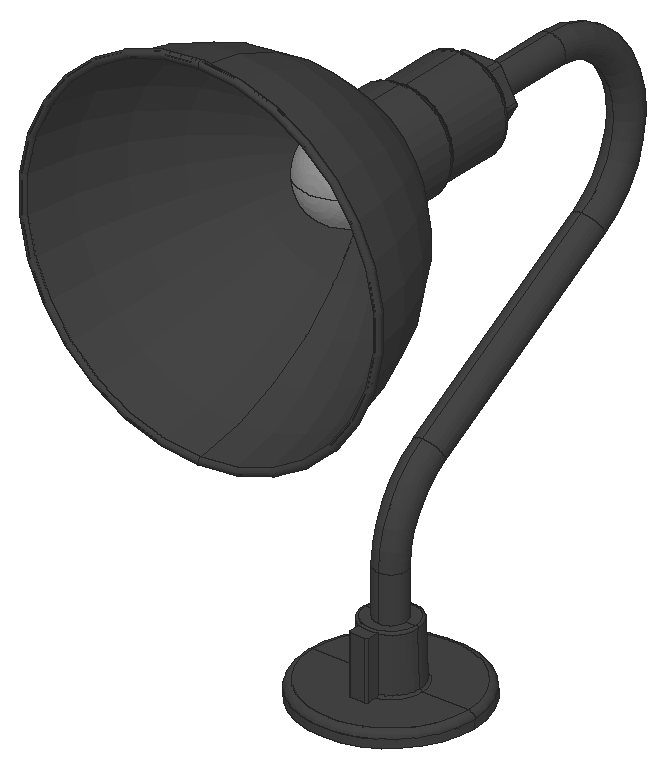
Revit family "BLE-G-DBW-G26-E26", category Lighting Fixtures, host Face, Revit 2022
Family settings
  Host = Face
  Round Connector Dimension = Use Diameter
  Part Type = Normal
  Cut with Voids When Loaded = No
  Light Source = Yes
  Maintain Annotation Orientation = No
  Shared = No
  Room Calculation Point = No
Parameters (values of type "10"")
  Wattage = 5.72229 W
  built-in parameter 1150110 = 1 (stored number, unit not read)
  built-in parameter 1114217 = 1 (stored number, unit not read)
  Tilt Angle = 0.00°
  built-in parameter 1150109 = 1 (stored number, unit not read)
  built-in parameter 1150134 = (empty or 0)
  built-in parameter 1150113 = 1 (stored number, unit not read)
  Gooseneck Material = 100 - Black
  Shade Material = 100 - Black
  Photometric Web File = "generic"
  built-in parameter 1150142 = (empty or 0)
  built-in parameter 1150105 = 67.641 (stored number, unit not read)
  Lumens = 850 lm
  built-in parameter 1150115 = 1 (stored number, unit not read)
  built-in parameter 1150137 = (empty or 0)
  built-in parameter 1150139 = (empty or 0)
  built-in parameter 1150112 = 1 (stored number, unit not read)
  built-in parameter 1150114 = 1 (stored number, unit not read)
  built-in parameter 1150132 = 2
  built-in parameter 1150102 = (empty or 0)
  built-in parameter 1150107 = 3000 (stored number, unit not read)
  built-in parameter 1150138 = (empty or 0)
  built-in parameter 1150106 = 0.67641 (stored number, unit not read)
  built-in parameter 1150104 = 13.8 (stored number, unit not read)
  20" = no
  Dimming Lamp Color Temperature Shift = <None>
  Default Elevation = 4' - 0"
  Color Filter = 16777215
  Base Material = 100 - Black
  built-in parameter 1114218 = 1 (stored number, unit not read)
  built-in parameter 1150133 = 10 (stored number, unit not read)
  16" = no
  14" = no
  12" = no
  10" = yes
Types (6): name | 20" | 16" | 14" | 12" | 10"
  (no name) | no | no | no | no | yes
  12" | no | no | no | yes | no
  14" | no | no | yes | no | no
  16" | no | yes | no | no | no
  10" | no | no | no | no | yes
  20" | yes | no | no | no | no
Reference planes (in)
  plane 1 "Center (Front/Back)": y = 0
  plane 2: z = 0
  plane 3 "Center (Left/Right)": x = 0
Lines and regions (in)
  reference lines
    curve 1: line (0, 32, 0) -> (0, -36, 0)
    curve 2: line (-33.11947, 0, 0) -> (37.88053, 0, 0)
Dimensions and locks (in)
  plane 1 "Center (Front/Back)" to imposter light = 0' - 1 1/2"
  aligned and locked: plane 2 to host face
  aligned and locked: level to host face
  aligned and locked: plane 3 "Center (Left/Right)" to nested 1
  aligned and locked: plane 1 "Center (Front/Back)" to nested 1
  aligned and locked: nested 4 to imposter light
  aligned and locked: plane 3 "Center (Left/Right)" to nested 2
  aligned and locked: nested 3 to plane 3 "Center (Left/Right)"
  aligned and locked: nested 5 to nested 3
  aligned and locked: imposter light to nested 6
  aligned and locked: nested 6 to imposter light
  aligned and locked: nested 5 to imposter light
  aligned and locked: imposter light to nested 3
  aligned and locked: nested 7 to nested 3
  aligned and locked: nested 3 to nested 7
Nested families (in)
  nested 1: "WBP-7501" at (0, 0, 0), type "WBP-7501"
  nested 2: "GNK-5026" at (0, 0, 1.975), type "G6"
  nested 3: "DBW Shade" at (0, 2.46415, 13.58116) x (0, 0, -1) z (0, -1, 0), type "DBW Shade"
    with 24" no, 20" no, 16" no, 14" no, 12" no
  nested 4: "103264" at (0, -3.60156, 13.58116) x (0, 0, -1) z (0, -1, 0), type "103264"
    with Heat Sink 9" no
  nested 5: "CPL-0004" at (0, 3.11433, 13.58116) x (1, 0, 0) z (0, -1, 0), type "CPL-0004"
  nested 6: "E26 Socket Assy" at (0, 2.42509, 13.58116) x (0, 0, -1) z (0, -1, 0), type "E26 Socket Assy"
  nested 7: "E26 Bulb" at (0, 0.1701, 13.58116) x (1, 0, 0) z (0, -1, 0), type "E26 Bulb"
Connectors (in)
  electrical at (0, 0, 0)
    settings: index 1, voltage 0 V, apparent load 0 VA, apparent load phase1 0 VA, apparent load phase2 0 VA, apparent load phase3 0 VA, power factor 1, load classification "Other", number of poles 1, system type 31, power factor state 1, is connector primary yes, connector utility no, sub classification motor no, connector description ""
Definition of nested family "WBP-7501"
  Parameters (values of type "WBP-7501")
    Default Elevation = 3' - 0"
    Base Material = none
  Reference planes (in)
    plane 1 "Center (Front/Back)": y = 0
    plane 2: z = 0
    plane 3 "Center (Left/Right)": x = 0
    plane 4 "Base Dia": x = -2.325
    plane 5 "Base Height": z = 0.4
    plane 6 "Fillet Radius": z = 0.225
    plane 7: z = 0.458
    plane 8: x = -0.87
    plane 9: x = -0.81
    plane 10: x = -0.76
    plane 11: z = 1.917
    plane 12: z = 1.975
    plane 13: x = -0.7
    plane 14: x = -0.2595
    plane 15: x = 0.2595
    plane 16: y = -1.135
  Forms (in)
    Extrusion 1, solid
      sketch origin (0, 0, 0) x (1, 0, 0) y (0, 1, 0)
        loop
          line (-48, 48) -> (-48, -48) -> (48, -48) -> (48, 48) -> (-48, 48)
      from 0 to -12
    Revolve 2, solid, material <- "Base Material"
      sketch origin (0, 0, 0) x (1, 0, 0) y (0, 0, 1)
        loop
          line (0, 0) -> (0, 1.975) -> (-0.7, 1.975)
          arc (-0.7, 1.975) -> (-0.74172, 1.95814) -> (-0.76, 1.91702) r 0.06003
          line (-0.76, 1.91702) -> (-0.81, 0.458)
          arc (-0.81, 0.458) -> (-0.82699, 0.41699) -> (-0.868, 0.4) r 0.058
          line (-0.868, 0.4) -> (-2.15, 0.4)
          arc (-2.15, 0.4) -> (-2.27374, 0.34874) -> (-2.325, 0.225) r 0.175
          line (-2.325, 0.225) -> (-2.325, 0) -> (0, 0)
        axis (0, 0) -> (0, 1.975)
      angle from 0 to 360
    Extrusion 3, solid, material <- "Base Material"
      sketch origin (0, 0, 0) x (1, 0, 0) y (0, 1, 0)
        loop
          line (-0.2595, -0.76731) -> (-0.2595, -1.075)
          arc (-0.2595, -1.075) -> (-0.24193, -1.11743) -> (-0.1995, -1.135) r 0.06
          line (-0.1995, -1.135) -> (0.1995, -1.135)
          arc (0.1995, -1.135) -> (0.24193, -1.11743) -> (0.2595, -1.075) r 0.06
          line (0.2595, -1.075) -> (0.2595, -0.76731)
          arc (0.2595, -0.76731) -> (0, -0.81) -> (-0.2595, -0.76731) r 0.81
      from 0 to 1.975
  Cuts and joins
    joined: Revolve 2, Extrusion 3
  Dimensions and locks (in)
    plane 4 "Base Dia" to plane 3 "Center (Left/Right)" = 0' - 2.325"
    locked: plane 5 "Base Height" to Extrusion 1 at 0.4
    locked: plane 3 "Center (Left/Right)" to plane 4 "Base Dia" at 2.325
    locked: plane 5 "Base Height" to plane 6 "Fillet Radius" at 0.175
    locked: plane 3 "Center (Left/Right)" to plane 9 at 0.81
    locked: plane 3 "Center (Left/Right)" to plane 8 at 0.87
    locked: plane 3 "Center (Left/Right)" to plane 10 at 0.76
    locked: plane 3 "Center (Left/Right)" to plane 13 at 0.7
    locked: plane 11 to plane 5 "Base Height" at 1.517
    locked: plane 12 to plane 5 "Base Height" at 1.575
    locked: plane 7 to plane 5 "Base Height" at 0.058
    locked: plane 14 to plane 3 "Center (Left/Right)" at 0.2595
    locked: plane 3 "Center (Left/Right)" to plane 15 at 0.2595
    locked: plane 16 to plane 1 "Center (Front/Back)" at 1.135
    radius of Revolve 2 sketch curve = 0' - 0.175"
    aligned and locked: plane 2 to Extrusion 1
    aligned and locked: level to Extrusion 1
    aligned and locked: Revolve 2 sketch curve to plane 5 "Base Height"
    aligned and locked: plane 9 to Revolve 2 sketch curve
    aligned and locked: plane 3 "Center (Left/Right)" to Revolve 2 sketch curve
    aligned and locked: plane 15 to Extrusion 3 sketch curve
    aligned and locked: Extrusion 3 sketch curve to plane 16
    aligned and locked: Extrusion 3 sketch curve to plane 14
  Automatic sketch dimensions
    Extrusion 1 sketch curve to Extrusion 1 sketch curve = 8' - 0"  (x2)
    Revolve 2 sketch curve to level = 0' - 0"
    Revolve 2 sketch curve to plane 4 "Base Dia" = 0' - 0"
    Revolve 2 sketch curve to plane 7 = 0' - 0"  (x2)
    plane 10 to Revolve 2 sketch curve = 0' - 0"
    Revolve 2 sketch curve to plane 12 = 0' - 0"
    Revolve 2 sketch curve to plane 13 = 0' - 0"
    Revolve 2 sketch curve to plane 3 "Center (Left/Right)" = 0' - 0"
    Revolve 2 sketch curve to Revolve 2 sketch curve = 0' - 0.22742"
    Revolve 2 sketch curve to Revolve 2 sketch curve = 0' - 1.76377"
    plane 1 "Center (Front/Back)" to Extrusion 3 sketch curve = 0' - 0"
    Extrusion 3 sketch curve to plane 3 "Center (Left/Right)" = 0' - 0"
    plane 14 to Extrusion 3 sketch curve = 0' - 0.06"
    Extrusion 3 sketch curve to plane 15 = 0' - 0.06"
    Extrusion 3 sketch curve to Extrusion 3 sketch curve = 0' - 0.30769"
Definition of nested family "GNK-5026"
  Parameters (values of type "GNK-5026")
    Gooseneck Material = none
    Default Elevation = 2' - 0"
  Reference planes (in)
    plane 1 "Center (Front/Back)": y = 0
    plane 2: z = 0
    plane 3 "Center (Left/Right)": x = 0
    plane 4 "Wood Height": z = 0
  Forms (in)
    Extrusion 1, solid
      sketch origin (0, 0, 0) x (1, 0, 0) y (0, 1, 0)
        loop
          line (-48, 48) -> (-48, -48) -> (48, -48) -> (48, 48) -> (-48, 48)
      from 0 to -12
    Sweep 2, solid, material <- "Gooseneck Material"
      path origin (0, 0, 0) x (0, 1, 0) y (0, 0, 1)
        loop
          line (0, -0.0015) -> (0, 1.24888)
          arc (0, 1.24888) -> (0.35192, 2.56226) -> (1.31338, 3.52373) r 2.62677
          line (1.31338, 3.52373) -> (6.81262, 6.69871)
          arc (6.81262, 6.69871) -> (8.03569, 9.65148) -> (5.5001, 11.59711) r 2.62504
          line (5.5001, 11.59711) -> (3.11433, 11.59711)
      profile origin (0, 0, 0.62369) x (0, -1, 0) y (1, 0, 0)
        loop
          circle (0, 0) r 0.42
  Dimensions and locks (in)
    aligned and locked: plane 2 to Extrusion 1
    aligned and locked: level to Extrusion 1
    aligned and locked: Extrusion 1 to plane 4 "Wood Height"
  Automatic sketch dimensions
    Extrusion 1 sketch curve to Extrusion 1 sketch curve = 8' - 0"  (x2)
    Sweep 2 sketch curve to plane 1 "Center (Front/Back)" = 0' - 0"
    Sweep 2 sketch curve to plane 1 "Center (Front/Back)" = 0' - 1.31338"
    level to Sweep 2 sketch curve = 0' - 1.24888"
    Sweep 2 sketch curve to Sweep 2 sketch curve = 0' - 1.31338"
    Sweep 2 sketch curve to Sweep 2 sketch curve = 0' - 1.31252"
    Sweep 2 sketch curve to Sweep 2 sketch curve = 0' - 3.17498"
    Sweep 2 sketch curve to Sweep 2 sketch curve = 0' - 2.38576"
    Sweep 2 sketch curve to level = 0' - 0.0015"
    Sweep 2 sketch curve to plane 3 "Center (Left/Right)" = 0' - 0"
    Sweep 2 sketch curve to profile plane = 0' - 0"
    radius of Sweep 2 sketch curve = 0' - 0.42"
Definition of nested family "DBW Shade"
  Parameters (values of type "DBW Shade")
    Shade Material = none
    Default Elevation = 2' - 0"
    24" = yes
    20" = yes
    10" = yes
    16" = yes
    14" = yes
    12" = yes
  Reference planes (in)
    plane 1 "Center (Front/Back)": y = 0
    plane 2: z = 0
    plane 3 "Center (Left/Right)": x = 0
  Forms (in)
    Extrusion 1, solid
      sketch origin (0, 0, 0) x (1, 0, 0) y (0, 1, 0)
        loop
          line (-48, 48) -> (-48, -48) -> (48, -48) -> (48, 48) -> (-48, 48)
      from 0 to -12
  Dimensions and locks (in)
    aligned and locked: plane 2 to Extrusion 1
    aligned and locked: level to Extrusion 1
    aligned and locked: plane 1 "Center (Front/Back)" to nested 1
    aligned and locked: plane 3 "Center (Left/Right)" to nested 1
    aligned and locked: plane 3 "Center (Left/Right)" to nested 2
    aligned and locked: plane 1 "Center (Front/Back)" to nested 2
    aligned and locked: plane 1 "Center (Front/Back)" to nested 3
    aligned and locked: plane 3 "Center (Left/Right)" to nested 3
    aligned and locked: plane 1 "Center (Front/Back)" to nested 4
    aligned and locked: plane 1 "Center (Front/Back)" to nested 5
    aligned and locked: plane 3 "Center (Left/Right)" to nested 5
    aligned and locked: plane 3 "Center (Left/Right)" to nested 6
    aligned and locked: plane 1 "Center (Front/Back)" to nested 6
    aligned and locked: plane 3 "Center (Left/Right)" to nested 4
  Nested families (in)
    nested 1: "SHD-0028" at (0, 0, 0), visible <- "10"", type "SHD-0028"
    nested 2: "SHD-0029" at (0, 0, 0), visible <- "12"", type "SHD-0029"
    nested 3: "SHD-0114" at (0, 0, 0), visible <- "14"", type "SHD-0114"
    nested 4: "SHD-0115" at (0, 0, 0), visible <- "16"", type "SHD-0115"
    nested 5: "SHD-0308" at (0, 0, 0), visible <- "24"", type "SHD-0308"
    nested 6: "SHD-0223" at (0, 0, 0), visible <- "20"", type "SHD-0223"
  Definition of nested family "SHD-0028"
    Parameters (values of type "SHD-0028")
      Shade Material = none
      Default Elevation = 2' - 0"
    Reference planes (in)
      plane 1 "Center (Front/Back)": y = 0
      plane 2: z = 0
      plane 3 "Center (Left/Right)": x = 0
      plane 4 "Wood Height": z = 0
      plane 5 "Nut Radius": x = -1.03713
      plane 6 "Nut Flat": x = -0.861
      plane 7 "Shade Thickness": z = 0.04
      plane 8 "Lower Shade bottom": z = 9.109
      plane 9 "Lower Shade Outer Dia": x = -5
      plane 10 "Shade Top Dia": x = -1.20713
      plane 11 "Shade Middle Radius Height1": z = 1.965
      plane 12 "Shade Lower Diameter1": x = -1.44113
      plane 13 "Shade Top Radius": x = -1.29713
      plane 14 "Shade Middle Radious Height2": z = 2.105
      plane 15 "Shade Middle Radius Diameter2": x = -1.41363
      plane 16 "Lip Height": z = 9.029
      plane 17 "Bowl Start": z = 3.545
      plane 18: x = -4.85
      plane 19: z = 9.069
    Forms (in)
      Extrusion 1, solid
        sketch origin (0, 0, 0) x (1, 0, 0) y (0, 1, 0)
          loop
            line (-48, 48) -> (-48, -48) -> (48, -48) -> (48, 48) -> (-48, 48)
        from 0 to -12
      Revolve 2, solid, material <- "Shade Material"
        sketch origin (0, 0, 0) x (1, 0, 0) y (0, 0, 1)
          loop
            line (0, 0) -> (0, 0.03906) -> (-1.20713, 0.03906)
            arc (-1.20713, 0.03906) -> (-1.24314, 0.05398) -> (-1.25806, 0.09) r 0.05094
            line (-1.25806, 0.09) -> (-1.25806, 1.94384)
            arc (-1.25806, 1.94384) -> (-1.26409, 1.97759) -> (-1.28141, 2.00717) r 0.09757
            line (-1.28141, 2.00717) -> (-1.37456, 2.11635) -> (-1.37456, 3.48096)
            arc (-1.37456, 3.48096) -> (-1.39014, 3.54099) -> (-1.43295, 3.58588) r 0.12347
            arc (-1.43295, 3.58588) -> (-3.7536, 5.90437) -> (-4.80544, 9.01154) r 7.20294
            arc (-4.80544, 9.01154) -> (-4.99326, 9.04214) -> (-4.84504, 8.9228) r 0.09841
            line (-4.84504, 8.9228) -> (-4.86619, 8.95581)
            arc (-4.86619, 8.95581) -> (-4.95809, 9.02506) -> (-4.84432, 9.00777) r 0.05934
            arc (-4.84432, 9.00777) -> (-3.78678, 5.88375) -> (-1.45354, 3.55268) r 7.242
            arc (-1.45354, 3.55268) -> (-1.42428, 3.522) -> (-1.41363, 3.48096) r 0.0844
            line (-1.41363, 3.48096) -> (-1.41363, 2.13147)
            arc (-1.41363, 2.13147) -> (-1.40868, 2.10377) -> (-1.39446, 2.07949) r 0.08009
            line (-1.39446, 2.07949) -> (-1.31112, 1.98181)
            arc (-1.31112, 1.98181) -> (-1.30074, 1.96408) -> (-1.29713, 1.94384) r 0.0585
            line (-1.29713, 1.94384) -> (-1.29713, 0.09)
            arc (-1.29713, 0.09) -> (-1.27077, 0.02636) -> (-1.20713, 0) r 0.09
            line (-1.20713, 0) -> (0, 0)
          axis (0, 9.01154) -> (0, 0)
        angle from 0 to 360
    Dimensions and locks (in)
      locked: plane 6 "Nut Flat" to plane 3 "Center (Left/Right)" at 0.861
      locked: plane 7 "Shade Thickness" to plane 4 "Wood Height" at 0.04
      locked: plane 3 "Center (Left/Right)" to plane 9 "Lower Shade Outer Dia" at 5
      locked: plane 11 "Shade Middle Radius Height1" to plane 4 "Wood Height" at 1.965
      locked: plane 14 "Shade Middle Radious Height2" to plane 4 "Wood Height" at 2.105
      locked: plane 8 "Lower Shade bottom" to plane 16 "Lip Height" at 0.08
      locked: plane 17 "Bowl Start" to plane 4 "Wood Height" at 3.545
      locked: plane 18 to plane 9 "Lower Shade Outer Dia" at 0.15
      locked: plane 8 "Lower Shade bottom" to plane 19 at 0.04
      locked: plane 8 "Lower Shade bottom" to plane 4 "Wood Height" at 9.109
      aligned and locked: plane 2 to Extrusion 1
      aligned and locked: level to Extrusion 1
      aligned and locked: plane 4 "Wood Height" to Revolve 2 sketch curve
      aligned and locked: plane 10 "Shade Top Dia" to Revolve 2 sketch curve
      aligned and locked: Revolve 2 sketch curve to plane 15 "Shade Middle Radius Diameter2"
      aligned and locked: Revolve 2 sketch curve to plane 13 "Shade Top Radius"
      aligned and locked: Extrusion 1 to plane 4 "Wood Height"
    Automatic sketch dimensions
      Extrusion 1 sketch curve to Extrusion 1 sketch curve = 8' - 0"  (x2)
      Revolve 2 sketch curve to Revolve 2 sketch curve = 0' - 0"  (x12)
      Revolve 2 sketch curve to plane 3 "Center (Left/Right)" = 0' - 0"  (x2)
      plane 18 to Revolve 2 sketch curve = 0' - 0.00496"
      Revolve 2 sketch curve to plane 18 = 0' - 0.01619"
      plane 15 "Shade Middle Radius Diameter2" to Revolve 2 sketch curve = 0' - 0.01916"
      plane 14 "Shade Middle Radious Height2" to Revolve 2 sketch curve = 0' - 0.01135"
      plane 15 "Shade Middle Radius Diameter2" to Revolve 2 sketch curve = 0' - 0 5/128"
      Revolve 2 sketch curve to plane 11 "Shade Middle Radius Height1" = 0' - 0.02116"
      plane 15 "Shade Middle Radius Diameter2" to Revolve 2 sketch curve = 0' - 0.058"
      plane 14 "Shade Middle Radious Height2" to Revolve 2 sketch curve = 0' - 0.02647"
      Revolve 2 sketch curve to plane 13 "Shade Top Radius" = 0' - 0.01572"
      Revolve 2 sketch curve to Revolve 2 sketch curve = 0' - 0 5/128"
      Revolve 2 sketch curve to plane 17 "Bowl Start" = 0' - 0.06404"
      plane 18 to Revolve 2 sketch curve = 0' - 0.00568"
      plane 17 "Bowl Start" to Revolve 2 sketch curve = 0' - 0.15101"
      Revolve 2 sketch curve to Revolve 2 sketch curve = 0' - 2.15863"
      Revolve 2 sketch curve to plane 12 "Shade Lower Diameter1" = 0' - 0.00818"
      Revolve 2 sketch curve to Revolve 2 sketch curve = 0' - 0.03888"  (x2)
      Revolve 2 sketch curve to Revolve 2 sketch curve = 0' - 0.03301"
      Revolve 2 sketch curve to Revolve 2 sketch curve = 0' - 0.02059"
      Revolve 2 sketch curve to Revolve 2 sketch curve = 0' - 0.03319"
  Definition of nested family "SHD-0029"
    Parameters (values of type "SHD-0029")
      Shade Material = none
      Default Elevation = 2' - 0"
    Reference planes (in)
      plane 1 "Center (Front/Back)": y = 0
      plane 2: z = 0
      plane 3 "Center (Left/Right)": x = 0
      plane 4 "Wood Height": z = 0
      plane 5 "Nut Radius": x = -1.03713
      plane 6 "Nut Flat": x = -0.861
      plane 7 "Shade Thickness": z = 0.04
      plane 8 "Shade Top Dia": x = -1.20713
      plane 9 "Shade Middle Radius Height1": z = 1.965
      plane 10 "Shade Lower Diameter1": x = -1.44113
      plane 11 "Shade Top Radius": x = -1.29713
      plane 12 "Shade Middle Radious Height2": z = 2.105
      plane 13 "Shade Middle Radius Diameter2": x = -1.41363
      plane 14 "Bowl Start": z = 3.545
    Forms (in)
      Extrusion 1, solid
        sketch origin (0, 0, 0) x (1, 0, 0) y (0, 1, 0)
          loop
            line (-48, 48) -> (-48, -48) -> (48, -48) -> (48, 48) -> (-48, 48)
        from 0 to -12
      Revolve 2, solid, material <- "Shade Material"
        sketch origin (0, 0, 0) x (1, 0, 0) y (0, 0, 1)
          loop
            line (0, 0) -> (0, 0.03906) -> (-1.20713, 0.03906)
            arc (-1.20713, 0.03906) -> (-1.24314, 0.05398) -> (-1.25806, 0.09) r 0.05094
            line (-1.25806, 0.09) -> (-1.25806, 1.94384)
            arc (-1.25806, 1.94384) -> (-1.26409, 1.97759) -> (-1.28141, 2.00717) r 0.09757
            line (-1.28141, 2.00717) -> (-1.37456, 2.11635) -> (-1.37456, 3.49488)
            arc (-1.37456, 3.49488) -> (-1.3856, 3.54027) -> (-1.41623, 3.57553) r 0.09889
            arc (-1.41623, 3.57553) -> (-4.2546, 6.22323) -> (-5.80711, 9.7808) r 9.56481
            arc (-5.80711, 9.7808) -> (-5.99536, 9.79563) -> (-5.84506, 9.68132) r 0.09841
            line (-5.84506, 9.68132) -> (-5.86621, 9.71432)
            arc (-5.86621, 9.71432) -> (-5.9593, 9.78052) -> (-5.84534, 9.77276) r 0.05934
            arc (-5.84534, 9.77276) -> (-4.28694, 6.2013) -> (-1.43786, 3.54296) r 9.60387
            arc (-1.43786, 3.54296) -> (-1.42003, 3.5218) -> (-1.41363, 3.49488) r 0.05982
            line (-1.41363, 3.49488) -> (-1.41363, 2.13147)
            arc (-1.41363, 2.13147) -> (-1.40868, 2.10377) -> (-1.39446, 2.07949) r 0.08009
            line (-1.39446, 2.07949) -> (-1.31112, 1.98181)
            arc (-1.31112, 1.98181) -> (-1.30074, 1.96408) -> (-1.29713, 1.94384) r 0.0585
            line (-1.29713, 1.94384) -> (-1.29713, 0.09)
            arc (-1.29713, 0.09) -> (-1.27077, 0.02636) -> (-1.20713, 0) r 0.09
            line (-1.20713, 0) -> (0, 0)
          axis (0, 9.7808) -> (0, 0)
        angle from 0 to 360
    Dimensions and locks (in)
      locked: plane 6 "Nut Flat" to plane 3 "Center (Left/Right)" at 0.861
      locked: plane 7 "Shade Thickness" to plane 4 "Wood Height" at 0.04
      locked: plane 9 "Shade Middle Radius Height1" to plane 4 "Wood Height" at 1.965
      locked: plane 12 "Shade Middle Radious Height2" to plane 4 "Wood Height" at 2.105
      locked: plane 14 "Bowl Start" to plane 4 "Wood Height" at 3.545
      aligned and locked: plane 2 to Extrusion 1
      aligned and locked: level to Extrusion 1
      aligned and locked: plane 4 "Wood Height" to Revolve 2 sketch curve
      aligned and locked: plane 8 "Shade Top Dia" to Revolve 2 sketch curve
      aligned and locked: Revolve 2 sketch curve to plane 13 "Shade Middle Radius Diameter2"
      aligned and locked: Revolve 2 sketch curve to plane 11 "Shade Top Radius"
      aligned and locked: Extrusion 1 to plane 4 "Wood Height"
    Automatic sketch dimensions
      Extrusion 1 sketch curve to Extrusion 1 sketch curve = 8' - 0"  (x2)
      Revolve 2 sketch curve to Revolve 2 sketch curve = 0' - 0"  (x15)
      Revolve 2 sketch curve to plane 3 "Center (Left/Right)" = 0' - 0"  (x2)
      plane 10 "Shade Lower Diameter1" to Revolve 2 sketch curve = 0' - 0.03232"
      Revolve 2 sketch curve to Revolve 2 sketch curve = 0' - 0.02115"
      Revolve 2 sketch curve to Revolve 2 sketch curve = 0' - 0.0372"
      plane 13 "Shade Middle Radius Diameter2" to Revolve 2 sketch curve = 0' - 0.01916"
      plane 12 "Shade Middle Radious Height2" to Revolve 2 sketch curve = 0' - 0.01135"
      plane 13 "Shade Middle Radius Diameter2" to Revolve 2 sketch curve = 0' - 0 5/128"
      Revolve 2 sketch curve to plane 9 "Shade Middle Radius Height1" = 0' - 0.02116"
      plane 13 "Shade Middle Radius Diameter2" to Revolve 2 sketch curve = 0' - 0.058"
      plane 12 "Shade Middle Radious Height2" to Revolve 2 sketch curve = 0' - 0.02647"
      Revolve 2 sketch curve to plane 11 "Shade Top Radius" = 0' - 0.01572"
      Revolve 2 sketch curve to Revolve 2 sketch curve = 0' - 0 5/128"
      Revolve 2 sketch curve to plane 14 "Bowl Start" = 0' - 0.05012"
      Revolve 2 sketch curve to Revolve 2 sketch curve = 0' - 0.03301"
      Revolve 2 sketch curve to Revolve 2 sketch curve = 0' - 0.04623"
      Revolve 2 sketch curve to plane 13 "Shade Middle Radius Diameter2" = 0' - 0.00261"
      Revolve 2 sketch curve to plane 14 "Bowl Start" = 0' - 0.00204"
      plane 14 "Bowl Start" to Revolve 2 sketch curve = 0' - 0.15101"
      Revolve 2 sketch curve to Revolve 2 sketch curve = 0' - 2.15863"
      plane 10 "Shade Lower Diameter1" to Revolve 2 sketch curve = 0' - 4.40394"
      plane 3 "Center (Left/Right)" to Revolve 2 sketch curve = 0' - 3.5532"
      plane 14 "Bowl Start" to Revolve 2 sketch curve = 0' - 6.13632"
  Definition of nested family "SHD-0114"
    Parameters (values of type "SHD-0114")
      Shade Material = none
      Default Elevation = 2' - 0"
    Reference planes (in)
      plane 1 "Center (Front/Back)": y = 0
      plane 2: z = 0
      plane 3 "Center (Left/Right)": x = 0
      plane 4 "Wood Height": z = 0
    Forms (in)
      Extrusion 1, solid
        sketch origin (0, 0, 0) x (1, 0, 0) y (0, 1, 0)
          loop
            line (-48, 48) -> (-48, -48) -> (48, -48) -> (48, 48) -> (-48, 48)
        from 0 to -12
      Revolve 2, solid, material <- "Shade Material"
        sketch origin (0, 0, 0) x (1, 0, 0) y (0, 0, 1)
          loop
            line (0, 0) -> (0, 0.03906) -> (-1.45545, 0.03906)
            arc (-1.45545, 0.03906) -> (-1.49164, 0.05405) -> (-1.50663, 0.09025) r 0.05119
            line (-1.50663, 0.09025) -> (-1.50663, 2.07228)
            arc (-1.50663, 2.07228) -> (-1.51325, 2.1034) -> (-1.53194, 2.12913) r 0.0765
            line (-1.53194, 2.12913) -> (-1.59895, 2.18946)
            arc (-1.59895, 2.18946) -> (-1.61737, 2.21483) -> (-1.62389, 2.24549) r 0.07539
            line (-1.62389, 2.24549) -> (-1.62389, 3.76049)
            arc (-1.62389, 3.76049) -> (-1.63985, 3.81863) -> (-1.68326, 3.86047) r 0.11386
            arc (-1.68326, 3.86047) -> (-5.12462, 6.95788) -> (-6.79993, 11.27416) r 9.99002
            arc (-6.79993, 11.27416) -> (-6.99505, 11.29998) -> (-6.84047, 11.17815) r 0.10205
            line (-6.84047, 11.17815) -> (-6.86365, 11.20959)
            arc (-6.86365, 11.20959) -> (-6.95906, 11.28479) -> (-6.83863, 11.26885) r 0.06299
            arc (-6.83863, 11.26885) -> (-5.15677, 6.93569) -> (-1.70196, 3.82617) r 10.02909
            arc (-1.70196, 3.82617) -> (-1.67344, 3.79868) -> (-1.66295, 3.76049) r 0.07479
            line (-1.66295, 3.76049) -> (-1.66295, 2.24549)
            arc (-1.66295, 2.24549) -> (-1.65306, 2.19894) -> (-1.62508, 2.16043) r 0.11445
            line (-1.62508, 2.16043) -> (-1.55808, 2.1001)
            arc (-1.55808, 2.1001) -> (-1.54893, 2.08751) -> (-1.54569, 2.07228) r 0.03743
            line (-1.54569, 2.07228) -> (-1.54569, 0.09025)
            arc (-1.54569, 0.09025) -> (-1.51926, 0.02643) -> (-1.45545, 0) r 0.09025
            line (-1.45545, 0) -> (0, 0)
          axis (0, 11.27416) -> (0, 0)
        angle from 0 to 360
    Dimensions and locks (in)
      aligned and locked: plane 2 to Extrusion 1
      aligned and locked: level to Extrusion 1
      aligned and locked: Extrusion 1 to plane 4 "Wood Height"
    Automatic sketch dimensions
      Extrusion 1 sketch curve to Extrusion 1 sketch curve = 8' - 0"  (x2)
      Revolve 2 sketch curve to Revolve 2 sketch curve = 0' - 0"  (x25)
      Revolve 2 sketch curve to level = 0' - 0"
      Revolve 2 sketch curve to plane 3 "Center (Left/Right)" = 0' - 0"  (x2)
      Revolve 2 sketch curve to Revolve 2 sketch curve = 0' - 0.01239"
      Revolve 2 sketch curve to Revolve 2 sketch curve = 0' - 0.07479"
      Revolve 2 sketch curve to Revolve 2 sketch curve = 0' - 0.02318"
      Revolve 2 sketch curve to Revolve 2 sketch curve = 0' - 0.03738"
      Revolve 2 sketch curve to Revolve 2 sketch curve = 0' - 0.03144"
      Revolve 2 sketch curve to Revolve 2 sketch curve = 0' - 0.0507"
      Revolve 2 sketch curve to Revolve 2 sketch curve = 0' - 0.01869"  (x2)
      Revolve 2 sketch curve to Revolve 2 sketch curve = 0' - 2.15863"
      plane 3 "Center (Left/Right)" to Revolve 2 sketch curve = 0' - 3.09734"
      Revolve 2 sketch curve to Revolve 2 sketch curve = 0' - 0.02614"
      Revolve 2 sketch curve to Revolve 2 sketch curve = 0' - 0 5/128"  (x2)
      Revolve 2 sketch curve to Revolve 2 sketch curve = 0' - 1.45545"
      Revolve 2 sketch curve to Revolve 2 sketch curve = 0' - 0.05119"
      Revolve 2 sketch curve to Revolve 2 sketch curve = 0' - 0.02531"
      Revolve 2 sketch curve to Revolve 2 sketch curve = 0' - 0.01656"
      Revolve 2 sketch curve to Revolve 2 sketch curve = 0' - 0.02505"
      Revolve 2 sketch curve to Revolve 2 sketch curve = 0' - 0.05045"
      Revolve 2 sketch curve to plane 3 "Center (Left/Right)" = 0' - 6.84047"
      Revolve 2 sketch curve to Revolve 2 sketch curve = 0' - 1.98204"
      Revolve 2 sketch curve to Revolve 2 sketch curve = 0' - 1.515"
      Revolve 2 sketch curve to Revolve 2 sketch curve = 0' - 7.41765"
      Revolve 2 sketch curve to Revolve 2 sketch curve = 0' - 0.06448"
  Definition of nested family "SHD-0115"
    Parameters (values of type "SHD-0115")
      Shade Material = none
      Default Elevation = 2' - 0"
    Reference planes (in)
      plane 1 "Center (Front/Back)": y = 0
      plane 2: z = 0
      plane 3 "Center (Left/Right)": x = 0
      plane 4 "Wood Height": z = 0
    Forms (in)
      Extrusion 1, solid
        sketch origin (0, 0, 0) x (1, 0, 0) y (0, 1, 0)
          loop
            line (-48, 48) -> (-48, -48) -> (48, -48) -> (48, 48) -> (-48, 48)
        from 0 to -12
      Revolve 2, solid, material <- "Shade Material"
        sketch origin (0, 0, 0) x (1, 0, 0) y (0, 0, 1)
          loop
            line (0, 0) -> (0, 0.03906) -> (-1.45545, 0.03906)
            arc (-1.45545, 0.03906) -> (-1.49164, 0.05405) -> (-1.50663, 0.09025) r 0.05119
            line (-1.50663, 0.09025) -> (-1.50663, 2.07228)
            arc (-1.50663, 2.07228) -> (-1.51325, 2.1034) -> (-1.53194, 2.12913) r 0.0765
            line (-1.53194, 2.12913) -> (-1.59895, 2.18946)
            arc (-1.59895, 2.18946) -> (-1.61737, 2.21483) -> (-1.62389, 2.24549) r 0.07539
            line (-1.62389, 2.24549) -> (-1.62389, 3.76049)
            arc (-1.62389, 3.76049) -> (-1.64115, 3.82076) -> (-1.6877, 3.86276) r 0.11386
            arc (-1.6877, 3.86276) -> (-5.9143, 7.51176) -> (-7.79992, 12.76759) r 10.98102
            arc (-7.79992, 12.76759) -> (-7.99459, 12.80067) -> (-7.84102, 12.67655) r 0.10205
            line (-7.84102, 12.67655) -> (-7.8642, 12.70799)
            arc (-7.8642, 12.70799) -> (-7.95899, 12.7846) -> (-7.83883, 12.76418) r 0.06299
            arc (-7.83883, 12.76418) -> (-5.94651, 7.48965) -> (-1.70487, 3.82767) r 11.02008
            arc (-1.70487, 3.82767) -> (-1.67429, 3.80009) -> (-1.66295, 3.76049) r 0.07479
            line (-1.66295, 3.76049) -> (-1.66295, 2.24549)
            arc (-1.66295, 2.24549) -> (-1.65306, 2.19894) -> (-1.62508, 2.16043) r 0.11445
            line (-1.62508, 2.16043) -> (-1.55808, 2.1001)
            arc (-1.55808, 2.1001) -> (-1.54893, 2.08751) -> (-1.54569, 2.07228) r 0.03743
            line (-1.54569, 2.07228) -> (-1.54569, 0.09025)
            arc (-1.54569, 0.09025) -> (-1.51926, 0.02643) -> (-1.45545, 0) r 0.09025
            line (-1.45545, 0) -> (0, 0)
          axis (0, 12.76759) -> (0, 0)
        angle from 0 to 360
    Dimensions and locks (in)
      aligned and locked: plane 2 to Extrusion 1
      aligned and locked: level to Extrusion 1
      aligned and locked: Extrusion 1 to plane 4 "Wood Height"
    Automatic sketch dimensions
      Extrusion 1 sketch curve to Extrusion 1 sketch curve = 8' - 0"  (x2)
      Revolve 2 sketch curve to Revolve 2 sketch curve = 0' - 0"  (x16)
      Revolve 2 sketch curve to level = 0' - 0"
      Revolve 2 sketch curve to plane 3 "Center (Left/Right)" = 0' - 0"  (x2)
      Revolve 2 sketch curve to Revolve 2 sketch curve = 0' - 1.45545"
      Revolve 2 sketch curve to plane 3 "Center (Left/Right)" = 0' - 1.50663"
      Revolve 2 sketch curve to Revolve 2 sketch curve = 0' - 0.02531"
      Revolve 2 sketch curve to Revolve 2 sketch curve = 0' - 0 5/128"
      Revolve 2 sketch curve to Revolve 2 sketch curve = 0' - 0.01656"
      Revolve 2 sketch curve to Revolve 2 sketch curve = 0' - 0.01239"
      Revolve 2 sketch curve to Revolve 2 sketch curve = 0' - 0.02505"
      Revolve 2 sketch curve to Revolve 2 sketch curve = 0' - 0.05045"
      Revolve 2 sketch curve to Revolve 2 sketch curve = 0' - 0.02494"
      Revolve 2 sketch curve to Revolve 2 sketch curve = 0' - 0.02614"
      Revolve 2 sketch curve to Revolve 2 sketch curve = 0' - 0.07479"
      Revolve 2 sketch curve to Revolve 2 sketch curve = 0' - 0.02318"
      Revolve 2 sketch curve to Revolve 2 sketch curve = 0' - 0.03738"
      plane 3 "Center (Left/Right)" to Revolve 2 sketch curve = 0' - 3.13919"
      Revolve 2 sketch curve to Revolve 2 sketch curve = 0' - 1.98204"
      Revolve 2 sketch curve to Revolve 2 sketch curve = 0' - 1.515"
      Revolve 2 sketch curve to Revolve 2 sketch curve = 0' - 0.03144"
      Revolve 2 sketch curve to Revolve 2 sketch curve = 0' - 0.0507"
      Revolve 2 sketch curve to Revolve 2 sketch curve = 0' - 1.04947"
      Revolve 2 sketch curve to Revolve 2 sketch curve = 0' - 0.03891"
      Revolve 2 sketch curve to Revolve 2 sketch curve = 0' - 0.06448"
      Revolve 2 sketch curve to Revolve 2 sketch curve = 0' - 2.15863"
  Definition of nested family "SHD-0308"
    Parameters (values of type "SHD-0308")
      Shade Material = none
      Default Elevation = 2' - 0"
    Reference planes (in)
      plane 1 "Center (Front/Back)": y = 0
      plane 2: z = 0
      plane 3 "Center (Left/Right)": x = 0
      plane 4 "Wood Height": z = 0
    Forms (in)
      Extrusion 1, solid
        sketch origin (0, 0, 0) x (1, 0, 0) y (0, 1, 0)
          loop
            line (-48, 48) -> (-48, -48) -> (48, -48) -> (48, 48) -> (-48, 48)
        from 0 to -12
      Revolve 2, solid, material <- "Shade Material"
        sketch origin (0, 0, 0) x (1, 0, 0) y (0, 0, 1)
          loop
            line (0, 0) -> (0, 0.03906) -> (-2.22237, 0.03906)
            arc (-2.22237, 0.03906) -> (-2.2742, 0.06053) -> (-2.29567, 0.11236) r 0.0733
            line (-2.29567, 0.11236) -> (-2.29567, 3.09806)
            arc (-2.29567, 3.09806) -> (-2.30835, 3.16758) -> (-2.34475, 3.22814) r 0.19691
            line (-2.34475, 3.22814) -> (-2.42725, 3.32189)
            arc (-2.42725, 3.32189) -> (-2.46224, 3.38009) -> (-2.47442, 3.4469) r 0.18923
            line (-2.47442, 3.4469) -> (-2.47442, 5.72055)
            arc (-2.47442, 5.72055) -> (-2.4994, 5.80773) -> (-2.56677, 5.86845) r 0.16462
            arc (-2.56677, 5.86845) -> (-9.0535, 11.47959) -> (-11.91654, 19.56448) r 16.76616
            arc (-11.91654, 19.56448) -> (-11.93143, 19.59499) -> (-11.96306, 19.60734) r 0.04667
            line (-11.96306, 19.60734) -> (-12.00319, 19.60734)
            arc (-12.00319, 19.60734) -> (-12.07667, 19.53386) -> (-12.00319, 19.46037) r 0.07348
            line (-12.00319, 19.46037) -> (-11.96309, 19.46037) -> (-11.96309, 19.49944) -> (-12.00319, 19.49944)
            arc (-12.00319, 19.49944) -> (-12.03761, 19.53386) -> (-12.00319, 19.56828) r 0.03442
            line (-12.00319, 19.56828) -> (-11.95604, 19.56828)
            arc (-11.95604, 19.56828) -> (-9.08774, 11.46046) -> (-2.58392, 5.83336) r 16.80523
            arc (-2.58392, 5.83336) -> (-2.53254, 5.78704) -> (-2.51348, 5.72055) r 0.12556
            line (-2.51348, 5.72055) -> (-2.51348, 3.4469)
            arc (-2.51348, 3.4469) -> (-2.49878, 3.3663) -> (-2.45658, 3.29609) r 0.22829
            line (-2.45658, 3.29609) -> (-2.37408, 3.20234)
            arc (-2.37408, 3.20234) -> (-2.34489, 3.15379) -> (-2.33473, 3.09806) r 0.15785
            line (-2.33473, 3.09806) -> (-2.33473, 0.11236)
            arc (-2.33473, 0.11236) -> (-2.30182, 0.03291) -> (-2.22237, 0) r 0.11236
            line (-2.22237, 0) -> (0, 0)
          axis (0, 19.60734) -> (0, 0)
        angle from 0 to 360
    Dimensions and locks (in)
      aligned and locked: plane 2 to Extrusion 1
      aligned and locked: level to Extrusion 1
      aligned and locked: Extrusion 1 to plane 4 "Wood Height"
    Automatic sketch dimensions
      Extrusion 1 sketch curve to Extrusion 1 sketch curve = 8' - 0"  (x2)
      Revolve 2 sketch curve to Revolve 2 sketch curve = 0' - 0"  (x24)
      Revolve 2 sketch curve to level = 0' - 0"
      Revolve 2 sketch curve to plane 3 "Center (Left/Right)" = 0' - 0"  (x2)
      Revolve 2 sketch curve to Revolve 2 sketch curve = 0' - 0.01047"
      Revolve 2 sketch curve to Revolve 2 sketch curve = 0' - 0.01002"
      Revolve 2 sketch curve to Revolve 2 sketch curve = 0' - 0.02933"  (x2)
      Revolve 2 sketch curve to Revolve 2 sketch curve = 0' - 0.04717"
      Revolve 2 sketch curve to Revolve 2 sketch curve = 0' - 0.12556"
      Revolve 2 sketch curve to Revolve 2 sketch curve = 0' - 0.00701"
      Revolve 2 sketch curve to Revolve 2 sketch curve = 0' - 0.00004"
      Revolve 2 sketch curve to Revolve 2 sketch curve = 0' - 0.04013"
      plane 3 "Center (Left/Right)" to Revolve 2 sketch curve = 0' - 4.79372"
      Revolve 2 sketch curve to Revolve 2 sketch curve = 0' - 0 5/128"  (x2)
      Revolve 2 sketch curve to Revolve 2 sketch curve = 0' - 2.9857"
      Revolve 2 sketch curve to Revolve 2 sketch curve = 0' - 2.27365"
      Revolve 2 sketch curve to Revolve 2 sketch curve = 0' - 0.03442"
      Revolve 2 sketch curve to Revolve 2 sketch curve = 0' - 0.00761"
      Revolve 2 sketch curve to Revolve 2 sketch curve = 0' - 0.24911"
      Revolve 2 sketch curve to Revolve 2 sketch curve = 0' - 2.15863"
      Revolve 2 sketch curve to Revolve 2 sketch curve = 0' - 2.22237"
      Revolve 2 sketch curve to plane 3 "Center (Left/Right)" = 0' - 2.28519"
      Revolve 2 sketch curve to plane 3 "Center (Left/Right)" = 0' - 11.95604"
      Revolve 2 sketch curve to Revolve 2 sketch curve = 1' - 1.73983"
      Revolve 2 sketch curve to Revolve 2 sketch curve = 1' - 3.07792"
  Definition of nested family "SHD-0223"
    Parameters (values of type "SHD-0223")
      Shade Material = none
      Default Elevation = 2' - 0"
    Reference planes (in)
      plane 1 "Center (Front/Back)": y = 0
      plane 2: z = 0
      plane 3 "Center (Left/Right)": x = 0
      plane 4 "Wood Height": z = 0
    Forms (in)
      Extrusion 1, solid
        sketch origin (0, 0, 0) x (1, 0, 0) y (0, 1, 0)
          loop
            line (-48, 48) -> (-48, -48) -> (48, -48) -> (48, 48) -> (-48, 48)
        from 0 to -12
      Revolve 2, solid, material <- "Shade Material"
        sketch origin (0, 0, 0) x (1, 0, 0) y (0, 0, 1)
          loop
            line (0, 0) -> (0, 0.03906) -> (-1.8485, 0.03906)
            arc (-1.8485, 0.03906) -> (-1.88896, 0.05582) -> (-1.90572, 0.09628) r 0.05722
            line (-1.90572, 0.09628) -> (-1.90572, 2.57881)
            arc (-1.90572, 2.57881) -> (-1.9168, 2.64011) -> (-1.94865, 2.69364) r 0.17504
            line (-1.94865, 2.69364) -> (-2.01787, 2.77327)
            arc (-2.01787, 2.77327) -> (-2.04498, 2.81883) -> (-2.05441, 2.871) r 0.14898
            line (-2.05441, 2.871) -> (-2.05441, 4.7663)
            arc (-2.05441, 4.7663) -> (-2.07634, 4.84285) -> (-2.13548, 4.89618) r 0.14458
            arc (-2.13548, 4.89618) -> (-7.53748, 9.56968) -> (-9.92412, 16.30223) r 13.97395
            arc (-9.92412, 16.30223) -> (-9.93712, 16.32887) -> (-9.96474, 16.33964) r 0.04076
            line (-9.96474, 16.33964) -> (-10.00281, 16.33964)
            arc (-10.00281, 16.33964) -> (-10.06432, 16.27814) -> (-10.00281, 16.21663) r 0.06151
            line (-10.00281, 16.21663) -> (-9.96563, 16.21663) -> (-9.96563, 16.25569) -> (-10.00281, 16.25569)
            arc (-10.00281, 16.25569) -> (-10.02526, 16.27814) -> (-10.00281, 16.30058) r 0.02244
            line (-10.00281, 16.30058) -> (-9.96317, 16.30058)
            arc (-9.96317, 16.30058) -> (-7.57018, 9.5483) -> (-2.15264, 4.86109) r 14.01301
            arc (-2.15264, 4.86109) -> (-2.10948, 4.82217) -> (-2.09348, 4.7663) r 0.10551
            line (-2.09348, 4.7663) -> (-2.09348, 2.871)
            arc (-2.09348, 2.871) -> (-2.08157, 2.80515) -> (-2.04735, 2.74764) r 0.18804
            line (-2.04735, 2.74764) -> (-1.97814, 2.66801)
            arc (-1.97814, 2.66801) -> (-1.95339, 2.62643) -> (-1.94478, 2.57881) r 0.13598
            line (-1.94478, 2.57881) -> (-1.94478, 0.09628)
            arc (-1.94478, 0.09628) -> (-1.91658, 0.0282) -> (-1.8485, 0) r 0.09628
            line (-1.8485, 0) -> (0, 0)
          axis (0, 16.33964) -> (0, 0)
        angle from 0 to 360
    Dimensions and locks (in)
      aligned and locked: plane 2 to Extrusion 1
      aligned and locked: level to Extrusion 1
      aligned and locked: Extrusion 1 to plane 4 "Wood Height"
    Automatic sketch dimensions
      Extrusion 1 sketch curve to Extrusion 1 sketch curve = 8' - 0"  (x2)
      Revolve 2 sketch curve to Revolve 2 sketch curve = 0' - 0"  (x24)
      Revolve 2 sketch curve to level = 0' - 0"
      Revolve 2 sketch curve to plane 3 "Center (Left/Right)" = 0' - 0"  (x2)
      Revolve 2 sketch curve to Revolve 2 sketch curve = 0' - 0.05722"
      Revolve 2 sketch curve to Revolve 2 sketch curve = 0' - 0.00387"
      Revolve 2 sketch curve to Revolve 2 sketch curve = 0' - 0.02948"  (x2)
      Revolve 2 sketch curve to Revolve 2 sketch curve = 0' - 0.06922"
      Revolve 2 sketch curve to Revolve 2 sketch curve = 0' - 0.10551"
      Revolve 2 sketch curve to Revolve 2 sketch curve = 0' - 0.00156"
      Revolve 2 sketch curve to Revolve 2 sketch curve = 0' - 0.0009"
      Revolve 2 sketch curve to Revolve 2 sketch curve = 0' - 0.03807"
      plane 3 "Center (Left/Right)" to Revolve 2 sketch curve = 0' - 4.00263"
      Revolve 2 sketch curve to Revolve 2 sketch curve = 0' - 0 5/128"  (x2)
      Revolve 2 sketch curve to Revolve 2 sketch curve = 0' - 0.02244"
      Revolve 2 sketch curve to Revolve 2 sketch curve = 0' - 0.0017"
      Revolve 2 sketch curve to Revolve 2 sketch curve = 0' - 2.15863"
      Revolve 2 sketch curve to Revolve 2 sketch curve = 0' - 11.59521"
      Revolve 2 sketch curve to Revolve 2 sketch curve = 0' - 1.8485"
      Revolve 2 sketch curve to Revolve 2 sketch curve = 0' - 0.00028"
      Revolve 2 sketch curve to plane 3 "Center (Left/Right)" = 0' - 9.96317"
      Revolve 2 sketch curve to Revolve 2 sketch curve = 0' - 2.48252"
      Revolve 2 sketch curve to Revolve 2 sketch curve = 0' - 1.89529"
      Revolve 2 sketch curve to Revolve 2 sketch curve = 0' - 11.45033"
      Revolve 2 sketch curve to Revolve 2 sketch curve = 0' - 1.11021"
Definition of nested family "CPL-0004"
  Parameters (values of type "CPL-0004")
    Coupler Material = none
    Default Elevation = 2' - 0"
  Reference planes (in)
    plane 1 "Center (Front/Back)": y = 0
    plane 2: z = 0
    plane 3 "Center (Left/Right)": x = 0
    plane 4 "Wood Height": z = 0
    plane 5: y = 0.875
    plane 6: z = 0.4
  Forms (in)
    Extrusion 1, solid
      sketch origin (0, 0, 0) x (1, 0, 0) y (0, 1, 0)
        loop
          line (-48, 48) -> (-48, -48) -> (48, -48) -> (48, 48) -> (-48, 48)
      from 0 to -12
    Extrusion 2, solid, material <- "Coupler Material"
      sketch origin (0, 0, 0) x (1, 0, 0) y (0, 1, 0)
        loop
          line (-0.54127, 0.8125) -> (-0.97428, 0.0625)
          arc (-0.97428, 0.0625) -> (-0.99103, 0) -> (-0.97428, -0.0625) r 0.125
          line (-0.97428, -0.0625) -> (-0.54127, -0.8125)
          arc (-0.54127, -0.8125) -> (-0.49551, -0.85825) -> (-0.43301, -0.875) r 0.125
          line (-0.43301, -0.875) -> (0.43301, -0.875)
          arc (0.43301, -0.875) -> (0.49551, -0.85825) -> (0.54127, -0.8125) r 0.125
          line (0.54127, -0.8125) -> (0.97428, -0.0625)
          arc (0.97428, -0.0625) -> (0.99103, 0) -> (0.97428, 0.0625) r 0.125
          line (0.97428, 0.0625) -> (0.54127, 0.8125)
          arc (0.54127, 0.8125) -> (0.49551, 0.85825) -> (0.43301, 0.875) r 0.125
          line (0.43301, 0.875) -> (-0.43301, 0.875)
          arc (-0.43301, 0.875) -> (-0.49551, 0.85825) -> (-0.54127, 0.8125) r 0.125
      from 0 to 0.4
    Revolve 3, solid, material <- "Coupler Material"
      sketch origin (0, 0, 0) x (1, 0, 0) y (0, 0, 1)
        loop
          line (0, 0.65018) -> (-1.00921, 0.65018) -> (-1.03665, 0.61971) -> (-1.02973, 0.43008)
          arc (-1.02973, 0.43008) -> (-1.02417, 0.41239) -> (-1.01036, 0.4) r 0.03506
          line (-1.01036, 0.4) -> (0, 0.4) -> (0, 0.65018)
        axis (0, 0.65018) -> (0, 0.4)
      angle from 0 to 360
  Dimensions and locks (in)
    locked: plane 5 to plane 1 "Center (Front/Back)" at 0.875
    locked: plane 6 to Extrusion 1 at 0.4
    aligned and locked: plane 2 to Extrusion 1
    aligned and locked: level to Extrusion 1
    aligned and locked: Extrusion 1 to plane 4 "Wood Height"
    aligned and locked: Revolve 3 sketch curve to plane 3 "Center (Left/Right)"
  Automatic sketch dimensions
    Extrusion 1 sketch curve to Extrusion 1 sketch curve = 8' - 0"  (x2)
    Revolve 3 sketch curve to plane 6 = 0' - 0"
    Revolve 3 sketch curve to plane 3 "Center (Left/Right)" = 0' - 0"
    plane 6 to Revolve 3 sketch curve = 0' - 0.03136"
    Revolve 3 sketch curve to plane 3 "Center (Left/Right)" = 0' - 0.99469"
    plane 6 to Revolve 3 sketch curve = 0' - 0.25018"
    Revolve 3 sketch curve to Revolve 3 sketch curve = 0' - 0.01453"
    Revolve 3 sketch curve to Revolve 3 sketch curve = 0' - 0.01568"
    plane 6 to Revolve 3 sketch curve = 0' - 0.03008"
    plane 6 to Revolve 3 sketch curve = 0' - 0.21971"
    Revolve 3 sketch curve to Revolve 3 sketch curve = 0' - 0.02744"
    Revolve 3 sketch curve to level = 0' - 0.16839"
    Revolve 3 sketch curve to Revolve 3 sketch curve = 0' - 0.1618"
    plane 1 "Center (Front/Back)" to Extrusion 2 sketch curve = 0' - 0"  (x2)
    Extrusion 2 sketch curve to plane 5 = 0' - 0"
    Extrusion 2 sketch curve to plane 1 "Center (Front/Back)" = 0' - 0 1/16"  (x2)
    plane 1 "Center (Front/Back)" to Extrusion 2 sketch curve = 0' - 0 1/16"  (x2)
    Extrusion 2 sketch curve to Extrusion 2 sketch curve = 0' - 0.10825"  (x4)
    Extrusion 2 sketch curve to plane 3 "Center (Left/Right)" = 0' - 0.54127"
    Extrusion 2 sketch curve to plane 5 = 0' - 0 1/16"  (x2)
    plane 3 "Center (Left/Right)" to Extrusion 2 sketch curve = 0' - 0.43301"  (x2)
Definition of nested family "E26 Socket Assy"
  Parameters (values of type "E26 Socket Assy")
    Shade Material = none
    Default Elevation = 2' - 0"
  Reference planes (in)
    plane 1 "Center (Front/Back)": y = 0
    plane 2: z = 0
    plane 3 "Center (Left/Right)": x = 0
    plane 4 "Wood Height": z = 0
  Forms (in)
    Extrusion 1, solid
      sketch origin (0, 0, 0) x (1, 0, 0) y (0, 1, 0)
        loop
          line (-48, 48) -> (-48, -48) -> (48, -48) -> (48, 48) -> (-48, 48)
      from 0 to -12
    Revolve 2, solid
      sketch origin (0, 0, 0) x (1, 0, 0) y (0, 0, 1)
        loop
          line (0, 0) -> (0, 2.155) -> (-0.57839, 2.155) -> (-0.67838, 2.25499) -> (-0.71769, 2.25499)
          arc (-0.71769, 2.25499) -> (-0.75193, 2.2408) -> (-0.76611, 2.20657) r 0.04842
          line (-0.76611, 2.20657) -> (-0.76611, 0.37999) -> (-1, 0.37999) -> (-0.98772, 0.02838)
          arc (-0.98772, 0.02838) -> (-0.97876, 0.00825) -> (-0.95833, 0) r 0.02941
          line (-0.95833, 0) -> (0, 0)
        axis (0, 2.25499) -> (0, 0)
      angle from 0 to 360
  Dimensions and locks (in)
    aligned and locked: plane 2 to Extrusion 1
    aligned and locked: level to Extrusion 1
    aligned and locked: Extrusion 1 to plane 4 "Wood Height"
    aligned and locked: Revolve 2 sketch curve to plane 3 "Center (Left/Right)"
  Automatic sketch dimensions
    Extrusion 1 sketch curve to Extrusion 1 sketch curve = 8' - 0"  (x2)
    Revolve 2 sketch curve to level = 0' - 0"
    Revolve 2 sketch curve to plane 3 "Center (Left/Right)" = 0' - 0"
    Revolve 2 sketch curve to plane 3 "Center (Left/Right)" = 0' - 0.67838"
    Revolve 2 sketch curve to Revolve 2 sketch curve = 0' - 0.03931"
    level to Revolve 2 sketch curve = 0' - 0.37999"
    Revolve 2 sketch curve to plane 3 "Center (Left/Right)" = 0' - 0.76611"
    level to Revolve 2 sketch curve = 0' - 0.02941"
    Revolve 2 sketch curve to Revolve 2 sketch curve = 0' - 0.19222"
    level to Revolve 2 sketch curve = 0' - 0.02838"
    Revolve 2 sketch curve to Revolve 2 sketch curve = 0' - 1.77502"
    Revolve 2 sketch curve to Revolve 2 sketch curve = 0' - 0.05156"
    Revolve 2 sketch curve to Revolve 2 sketch curve = 0' - 0.09998"
    Revolve 2 sketch curve to Revolve 2 sketch curve = 0' - 0.48108"
    Revolve 2 sketch curve to Revolve 2 sketch curve = 0' - 0.69024"
Definition of nested family "E26 Bulb"
  Parameters (values of type "E26 Bulb")
    Bulb Base Material = none
    Default Elevation = 2' - 0"
    Bulb Material = none
  Reference planes (in)
    plane 1 "Center (Front/Back)": y = 0
    plane 2: z = 0
    plane 3 "Center (Left/Right)": x = 0
  Forms (in)
    Extrusion 1, solid
      sketch origin (0, 0, -12.73852) x (1, 0, 0) y (0, 1, 0)
        loop
          line (-48, 48) -> (-48, -48) -> (48, -48) -> (48, 48) -> (-48, 48)
      from 12.73852 to 2.73852
    Revolve 2, solid, material <- "Bulb Material"
      sketch origin (0, 0, 0) x (1, 0, 0) y (0, 0, 1)
        loop
          line (0.6495, 0.207) -> (0.68866, 0.449)
          arc (0.68866, 0.449) -> (0.75312, 0.6845) -> (0.866, 0.901) r 1.14598
          line (0.866, 0.901) -> (0.9845, 1.079)
          arc (0.9845, 1.079) -> (1.04207, 2.29114) -> (0, 2.913) r 1.17993
          line (0, 2.913) -> (0, 2.87394)
          arc (0, 2.87394) -> (1.00763, 2.2727) -> (0.95199, 1.10065) r 1.14086
          line (0.95199, 1.10065) -> (0.83348, 0.92265)
          arc (0.83348, 0.92265) -> (0.71675, 0.69877) -> (0.6501, 0.45524) r 1.18505
          line (0.6501, 0.45524) -> (0.61095, 0.21328)
          arc (0.61095, 0.21328) -> (0.57321, 0.11471) -> (0.49962, 0.03904) r 0.2619
          line (0.49962, 0.03904) -> (0, 0.03904) -> (0, -0.00002) -> (0.51117, -0.00002)
          arc (0.51117, -0.00002) -> (0.60275, 0.08852) -> (0.6495, 0.207) r 0.30097
        axis (0, 2.913) -> (0, -0.00002)
      angle from 0 to 360
  Dimensions and locks (in)
    aligned and locked: plane 2 to Extrusion 1
    aligned and locked: plane 3 "Center (Left/Right)" to Revolve 2 sketch curve
    aligned and locked: Revolve 2 sketch curve to plane 3 "Center (Left/Right)"
  Automatic sketch dimensions
    Extrusion 1 sketch curve to Extrusion 1 sketch curve = 8' - 0"  (x2)
    Revolve 2 sketch curve to Revolve 2 sketch curve = 0' - 0"  (x7)
    Revolve 2 sketch curve to plane 3 "Center (Left/Right)" = 0' - 0"
    plane 3 "Center (Left/Right)" to Revolve 2 sketch curve = 0' - 0.00246"
    Revolve 2 sketch curve to level = 0' - 0"
    Revolve 2 sketch curve to Revolve 2 sketch curve = 0' - 0.03252"
    Revolve 2 sketch curve to Revolve 2 sketch curve = 0' - 0.45527"
    Revolve 2 sketch curve to Revolve 2 sketch curve = 0' - 3.34544"
    Revolve 2 sketch curve to Revolve 2 sketch curve = 0' - 0.25844"
    plane 3 "Center (Left/Right)" to Revolve 2 sketch curve = 0' - 0.3525"
    level to Revolve 2 sketch curve = 0' - 0 5/128"
    Revolve 2 sketch curve to Revolve 2 sketch curve = 0' - 0.11133"
    Revolve 2 sketch curve to Revolve 2 sketch curve = 0' - 0.01155"
    level to Revolve 2 sketch curve = 0' - 0.207"
    Revolve 2 sketch curve to Revolve 2 sketch curve = 0' - 0.03855"
    Revolve 2 sketch curve to Revolve 2 sketch curve = 0' - 0.03915"
    level to Revolve 2 sketch curve = 0' - 0.449"
    Revolve 2 sketch curve to Revolve 2 sketch curve = 0' - 0.03856"
    Revolve 2 sketch curve to Revolve 2 sketch curve = 0' - 0.14482"
    Revolve 2 sketch curve to Revolve 2 sketch curve = 0' - 0.1185"
    Revolve 2 sketch curve to Revolve 2 sketch curve = 0' - 0.03251"
    level to Revolve 2 sketch curve = 0' - 0.26594"
    Revolve 2 sketch curve to Revolve 2 sketch curve = 0' - 0.00624"
    Revolve 2 sketch curve to Revolve 2 sketch curve = 0' - 0.02165"
    Revolve 2 sketch curve to Revolve 2 sketch curve = 0' - 0.63243"
Definition of nested family "103264"
  Parameters (values of type "103264")
    Heat Sink 9" = yes
    Default Elevation = 2' - 0"
  Reference planes (in)
    plane 1 "Center (Front/Back)": y = 0
    plane 2: z = 0
    plane 3 "Center (Left/Right)": x = 0
  Forms (in)
    Extrusion 1, solid
      sketch origin (0, 0, 0) x (1, 0, 0) y (0, 1, 0)
        loop
          line (-48, 48) -> (-48, -48) -> (48, -48) -> (48, 48) -> (-48, 48)
      from 0 to -12
    Revolve 2, solid, visible <- "Heat Sink 9""
      sketch origin (0, 0, 0) x (1, 0, 0) y (0, 0, 1)
        loop
          line (0, 0) -> (0, 0.62434) -> (-1.30334, 0.62434)
          arc (-1.30334, 0.62434) -> (-1.32437, 0.63289) -> (-1.33347, 0.65368) r 0.03013
          line (-1.33347, 0.65368) -> (-1.34912, 1.25004) -> (-1.62392, 1.25004) -> (-1.62392, 0.90054) -> (-1.81218, 0.90054)
          arc (-1.81218, 0.90054) -> (-2.04769, 0.40262) -> (-2.55995, 0.20019) r 0.74937
          line (-2.55995, 0.20019) -> (-4.45232, 0.20019)
          arc (-4.45232, 0.20019) -> (-4.48531, 0.18703) -> (-4.50018, 0.15477) r 0.04793
          line (-4.50018, 0.15477) -> (-4.50191, 0.12184) -> (-4.39187, 0.01181)
          arc (-4.39187, 0.01181) -> (-4.3788, 0.00307) -> (-4.36337, 0) r 0.04031
          line (-4.36337, 0) -> (0, 0)
        axis (0, 1.25004) -> (0, 0)
      angle from 0 to 360
  Dimensions and locks (in)
    aligned and locked: plane 2 to Extrusion 1
    aligned and locked: level to Extrusion 1
    aligned and locked: Revolve 2 sketch curve to plane 3 "Center (Left/Right)"
  Automatic sketch dimensions
    Extrusion 1 sketch curve to Extrusion 1 sketch curve = 8' - 0"  (x2)
    Revolve 2 sketch curve to level = 0' - 0"
    Revolve 2 sketch curve to plane 3 "Center (Left/Right)" = 0' - 0"
    level to Revolve 2 sketch curve = 0' - 0.62434"
    Revolve 2 sketch curve to plane 3 "Center (Left/Right)" = 0' - 1.30334"
    Revolve 2 sketch curve to Revolve 2 sketch curve = 0' - 0.03012"
    Revolve 2 sketch curve to Revolve 2 sketch curve = 0' - 0.29046"
    Revolve 2 sketch curve to Revolve 2 sketch curve = 0' - 0.18826"
    level to Revolve 2 sketch curve = 0' - 0.20019"
    Revolve 2 sketch curve to Revolve 2 sketch curve = 0' - 0.74777"
    Revolve 2 sketch curve to Revolve 2 sketch curve = 0' - 1.80342"
    level to Revolve 2 sketch curve = 0' - 0.01181"
    Revolve 2 sketch curve to Revolve 2 sketch curve = 0' - 0.0285"
    Revolve 2 sketch curve to Revolve 2 sketch curve = 0' - 0.08895"
    level to Revolve 2 sketch curve = 0' - 0.15477"
    Revolve 2 sketch curve to Revolve 2 sketch curve = 0' - 0.04786"
    Revolve 2 sketch curve to Revolve 2 sketch curve = 0' - 0.24686"
    Revolve 2 sketch curve to Revolve 2 sketch curve = 0' - 0.3495"
    Revolve 2 sketch curve to Revolve 2 sketch curve = 0' - 0.27481"
    Revolve 2 sketch curve to level = 0' - 1.22145"
    Revolve 2 sketch curve to Revolve 2 sketch curve = 0' - 1.65421"
